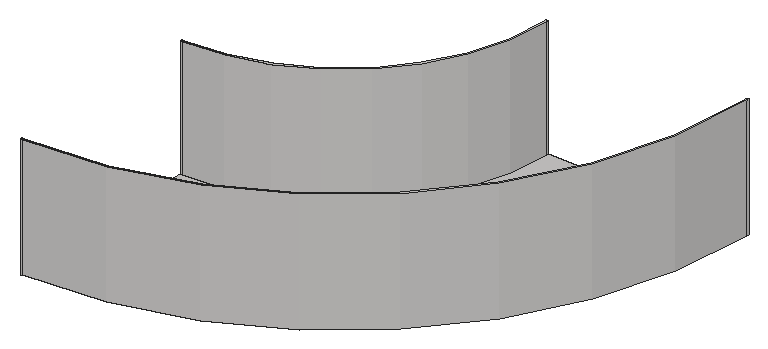
Revit family "S4R_OBO BETTERMANN_CableTray_Bend_Horizontal_RB FT", category Cable Tray Fittings, Revit 2012
Parameters
  Wholesaler art.no. = ""
  Wholesaler = ""
  Watermarked By = "www.stabiplan.com"
  WIDTH2 [instance] = WIDTH1  # 100 mm
  WIDTH1 [instance] = 100 mm
  VERSION = "91900"  # constant formula
  URL = "www.stabiplan.com"
  built-in parameter 1140111 [instance] = 1 mm
  TYPE [instance] = "RB FT"  # constant formula
  StabiCAD_PM = ""
  Safe_Half_Width2 [instance] = if(not([built-in parameter 1140115] > Half_Width2), [built-in parameter 1140115] - 0.2 mm, Half_Width2)  # 50 mm
  Safe_Half_Width1 [instance] = if(not([built-in parameter 1140115] > Half_Width1), [built-in parameter 1140115] - 0.2 mm, Half_Width1)  # 50 mm
  Manufacturer = "OBO BETTERMANN"  # constant formula
  Lmin [instance] = if(LENGTH1 > LENGTH2, LENGTH2, LENGTH1) - 1 mm  # 149 mm
  PRODUCTLINE [instance] = "OBO BETTERMANN CableTrays"  # constant formula
  LENGTH2 [instance] = if(and(WIDTH1 = 100 mm, HEIGHT1 = 60 mm, ANGLE2 = 90.00°), 150 mm, if(and(WIDTH1 = 200 mm, HEIGHT1 = 60 mm, ANGLE2 = 90.00°), 200 mm, if(and(WIDTH1 = 300 mm, HEIGHT1 = 60 mm, ANGLE2 = 90.00°), 250 mm, if(and(WIDTH1 = 400 mm, HEIGHT1 = 60 mm, ANGLE2 = 90.00°), 455 mm, if(and(WIDTH1 = 500 mm, HEIGHT1 = 60 mm, ANGLE2 = 90.00°), 505 mm, if(and(WIDTH1 = 600 mm, HEIGHT1 = 60 mm, ANGLE2 = 90.00°), 555 mm, if(and(WIDTH1 = 400 mm, HEIGHT1 = 110 mm, ANGLE2 = 90.00°), 455 mm, if(and(WIDTH1 = 500 mm, HEIGHT1 = 110 mm, ANGLE2 = 90.00°), 505 mm, if(and(WIDTH1 = 550 mm, HEIGHT1 = 110 mm, ANGLE2 = 90.00°), 530 mm, if(and(WIDTH1 = 100 mm, HEIGHT1 = 60 mm, ANGLE2 = 45.00°), 150 mm, if(and(WIDTH1 = 150 mm, HEIGHT1 = 60 mm, ANGLE2 = 45.00°), 150 mm, if(and(WIDTH1 = 200 mm, HEIGHT1 = 60 mm, ANGLE2 = 45.00°), 150 mm, if(and(WIDTH1 = 300 mm, HEIGHT1 = 60 mm, ANGLE2 = 45.00°), 150 mm, if(and(WIDTH1 = 400 mm, HEIGHT1 = 60 mm, ANGLE2 = 45.00°), 255 mm, if(and(WIDTH1 = 500 mm, HEIGHT1 = 60 mm, ANGLE2 = 45.00°), 255 mm, if(and(WIDTH1 = 600 mm, HEIGHT1 = 60 mm, ANGLE2 = 45.00°), 255 mm, if(and(WIDTH1 = 100 mm, HEIGHT1 = 85 mm, ANGLE2 = 45.00°), 150 mm, if(and(WIDTH1 = 200 mm, HEIGHT1 = 85 mm, ANGLE2 = 45.00°), 150 mm, if(and(WIDTH1 = 300 mm, HEIGHT1 = 85 mm, ANGLE2 = 45.00°), 150 mm, if(and(WIDTH1 = 400 mm, HEIGHT1 = 85 mm, ANGLE2 = 45.00°), 255 mm, if(and(WIDTH1 = 500 mm, HEIGHT1 = 85 mm, ANGLE2 = 45.00°), 255 mm, if(and(WIDTH1 = 600 mm, HEIGHT1 = 85 mm, ANGLE2 = 45.00°), 255 mm, if(and(WIDTH1 = 50 mm, HEIGHT1 = 35 mm, ANGLE2 = 90.00°), 128 mm, if(and(WIDTH1 = 100 mm, HEIGHT1 = 35 mm, ANGLE2 = 90.00°), 153 mm, if(and(WIDTH1 = 200 mm, HEIGHT1 = 35 mm, ANGLE2 = 90.00°), 203 mm, if(and(WIDTH1 = 300 mm, HEIGHT1 = 35 mm, ANGLE2 = 90.00°), 253 mm, if(and(WIDTH1 = 150 mm, HEIGHT1 = 60 mm, ANGLE2 = 90.00°), 178 mm, if(and(WIDTH1 = 100 mm, HEIGHT1 = 85 mm, ANGLE2 = 90.00°), 153 mm, if(and(WIDTH1 = 200 mm, HEIGHT1 = 85 mm, ANGLE2 = 90.00°), 203 mm, if(and(WIDTH1 = 300 mm, HEIGHT1 = 85 mm, ANGLE2 = 90.00°), 253 mm, if(and(WIDTH1 = 400 mm, HEIGHT1 = 85 mm, ANGLE2 = 90.00°), 455 mm, if(and(WIDTH1 = 500 mm, HEIGHT1 = 85 mm, ANGLE2 = 90.00°), 505 mm, if(and(WIDTH1 = 600 mm, HEIGHT1 = 85 mm, ANGLE2 = 90.00°), 555 mm, if(and(WIDTH1 = 450 mm, HEIGHT1 = 60 mm, ANGLE2 = 90.00°), 480 mm, if(and(WIDTH1 = 750 mm, HEIGHT1 = 60 mm, ANGLE2 = 90.00°), 630 mm, if(and(WIDTH1 = 900 mm, HEIGHT1 = 60 mm, ANGLE2 = 90.00°), 705 mm, WIDTH1 * 2))))))))))))))))))))))))))))))))))))  # 150 mm
  LENGTH1 [instance] = if(and(WIDTH1 = 100 mm, HEIGHT1 = 60 mm, ANGLE2 = 90.00°), 150 mm, if(and(WIDTH1 = 200 mm, HEIGHT1 = 60 mm, ANGLE2 = 90.00°), 200 mm, if(and(WIDTH1 = 300 mm, HEIGHT1 = 60 mm, ANGLE2 = 90.00°), 250 mm, if(and(WIDTH1 = 400 mm, HEIGHT1 = 60 mm, ANGLE2 = 90.00°), 455 mm, if(and(WIDTH1 = 500 mm, HEIGHT1 = 60 mm, ANGLE2 = 90.00°), 505 mm, if(and(WIDTH1 = 600 mm, HEIGHT1 = 60 mm, ANGLE2 = 90.00°), 555 mm, if(and(WIDTH1 = 400 mm, HEIGHT1 = 110 mm, ANGLE2 = 90.00°), 455 mm, if(and(WIDTH1 = 500 mm, HEIGHT1 = 110 mm, ANGLE2 = 90.00°), 505 mm, if(and(WIDTH1 = 550 mm, HEIGHT1 = 110 mm, ANGLE2 = 90.00°), 530 mm, if(and(WIDTH1 = 100 mm, HEIGHT1 = 60 mm, ANGLE2 = 45.00°), 150 mm, if(and(WIDTH1 = 150 mm, HEIGHT1 = 60 mm, ANGLE2 = 45.00°), 150 mm, if(and(WIDTH1 = 200 mm, HEIGHT1 = 60 mm, ANGLE2 = 45.00°), 150 mm, if(and(WIDTH1 = 300 mm, HEIGHT1 = 60 mm, ANGLE2 = 45.00°), 150 mm, if(and(WIDTH1 = 400 mm, HEIGHT1 = 60 mm, ANGLE2 = 45.00°), 255 mm, if(and(WIDTH1 = 500 mm, HEIGHT1 = 60 mm, ANGLE2 = 45.00°), 255 mm, if(and(WIDTH1 = 600 mm, HEIGHT1 = 60 mm, ANGLE2 = 45.00°), 255 mm, if(and(WIDTH1 = 100 mm, HEIGHT1 = 85 mm, ANGLE2 = 45.00°), 150 mm, if(and(WIDTH1 = 200 mm, HEIGHT1 = 85 mm, ANGLE2 = 45.00°), 150 mm, if(and(WIDTH1 = 300 mm, HEIGHT1 = 85 mm, ANGLE2 = 45.00°), 150 mm, if(and(WIDTH1 = 400 mm, HEIGHT1 = 85 mm, ANGLE2 = 45.00°), 255 mm, if(and(WIDTH1 = 500 mm, HEIGHT1 = 85 mm, ANGLE2 = 45.00°), 255 mm, if(and(WIDTH1 = 600 mm, HEIGHT1 = 85 mm, ANGLE2 = 45.00°), 255 mm, if(and(WIDTH1 = 50 mm, HEIGHT1 = 35 mm, ANGLE2 = 90.00°), 128 mm, if(and(WIDTH1 = 100 mm, HEIGHT1 = 35 mm, ANGLE2 = 90.00°), 153 mm, if(and(WIDTH1 = 200 mm, HEIGHT1 = 35 mm, ANGLE2 = 90.00°), 203 mm, if(and(WIDTH1 = 300 mm, HEIGHT1 = 35 mm, ANGLE2 = 90.00°), 253 mm, if(and(WIDTH1 = 150 mm, HEIGHT1 = 60 mm, ANGLE2 = 90.00°), 178 mm, if(and(WIDTH1 = 100 mm, HEIGHT1 = 85 mm, ANGLE2 = 90.00°), 153 mm, if(and(WIDTH1 = 200 mm, HEIGHT1 = 85 mm, ANGLE2 = 90.00°), 203 mm, if(and(WIDTH1 = 300 mm, HEIGHT1 = 85 mm, ANGLE2 = 90.00°), 253 mm, if(and(WIDTH1 = 400 mm, HEIGHT1 = 85 mm, ANGLE2 = 90.00°), 455 mm, if(and(WIDTH1 = 500 mm, HEIGHT1 = 85 mm, ANGLE2 = 90.00°), 505 mm, if(and(WIDTH1 = 600 mm, HEIGHT1 = 85 mm, ANGLE2 = 90.00°), 555 mm, if(and(WIDTH1 = 450 mm, HEIGHT1 = 60 mm, ANGLE2 = 90.00°), 480 mm, if(and(WIDTH1 = 750 mm, HEIGHT1 = 60 mm, ANGLE2 = 90.00°), 630 mm, if(and(WIDTH1 = 900 mm, HEIGHT1 = 60 mm, ANGLE2 = 90.00°), 705 mm, WIDTH1 * 2))))))))))))))))))))))))))))))))))))  # 150 mm
  L2_Tail [instance] = LENGTH2 - Lmin  # 1 mm
  L1_Tail [instance] = LENGTH1 - Lmin  # 1 mm
  Internal art.no. = ""
  ISCUSTOM [instance] = if(and(WIDTH1 = 100 mm, HEIGHT1 = 60 mm, ANGLE2 = 90.00°), 1 = 0, if(and(WIDTH1 = 200 mm, HEIGHT1 = 60 mm, ANGLE2 = 90.00°), 1 = 0, if(and(WIDTH1 = 300 mm, HEIGHT1 = 60 mm, ANGLE2 = 90.00°), 1 = 0, if(and(WIDTH1 = 400 mm, HEIGHT1 = 60 mm, ANGLE2 = 90.00°), 1 = 0, if(and(WIDTH1 = 500 mm, HEIGHT1 = 60 mm, ANGLE2 = 90.00°), 1 = 0, if(and(WIDTH1 = 600 mm, HEIGHT1 = 60 mm, ANGLE2 = 90.00°), 1 = 0, if(and(WIDTH1 = 400 mm, HEIGHT1 = 110 mm, ANGLE2 = 90.00°), 1 = 0, if(and(WIDTH1 = 500 mm, HEIGHT1 = 110 mm, ANGLE2 = 90.00°), 1 = 0, if(and(WIDTH1 = 550 mm, HEIGHT1 = 110 mm, ANGLE2 = 90.00°), 1 = 0, if(and(WIDTH1 = 100 mm, HEIGHT1 = 60 mm, ANGLE2 = 45.00°), 1 = 0, if(and(WIDTH1 = 150 mm, HEIGHT1 = 60 mm, ANGLE2 = 45.00°), 1 = 0, if(and(WIDTH1 = 200 mm, HEIGHT1 = 60 mm, ANGLE2 = 45.00°), 1 = 0, if(and(WIDTH1 = 300 mm, HEIGHT1 = 60 mm, ANGLE2 = 45.00°), 1 = 0, if(and(WIDTH1 = 400 mm, HEIGHT1 = 60 mm, ANGLE2 = 45.00°), 1 = 0, if(and(WIDTH1 = 500 mm, HEIGHT1 = 60 mm, ANGLE2 = 45.00°), 1 = 0, if(and(WIDTH1 = 600 mm, HEIGHT1 = 60 mm, ANGLE2 = 45.00°), 1 = 0, if(and(WIDTH1 = 100 mm, HEIGHT1 = 85 mm, ANGLE2 = 45.00°), 1 = 0, if(and(WIDTH1 = 200 mm, HEIGHT1 = 85 mm, ANGLE2 = 45.00°), 1 = 0, if(and(WIDTH1 = 300 mm, HEIGHT1 = 85 mm, ANGLE2 = 45.00°), 1 = 0, if(and(WIDTH1 = 400 mm, HEIGHT1 = 85 mm, ANGLE2 = 45.00°), 1 = 0, if(and(WIDTH1 = 500 mm, HEIGHT1 = 85 mm, ANGLE2 = 45.00°), 1 = 0, if(and(WIDTH1 = 600 mm, HEIGHT1 = 85 mm, ANGLE2 = 45.00°), 1 = 0, if(and(WIDTH1 = 50 mm, HEIGHT1 = 35 mm, ANGLE2 = 90.00°), 1 = 0, if(and(WIDTH1 = 100 mm, HEIGHT1 = 35 mm, ANGLE2 = 90.00°), 1 = 0, if(and(WIDTH1 = 200 mm, HEIGHT1 = 35 mm, ANGLE2 = 90.00°), 1 = 0, if(and(WIDTH1 = 300 mm, HEIGHT1 = 35 mm, ANGLE2 = 90.00°), 1 = 0, if(and(WIDTH1 = 150 mm, HEIGHT1 = 60 mm, ANGLE2 = 90.00°), 1 = 0, if(and(WIDTH1 = 100 mm, HEIGHT1 = 85 mm, ANGLE2 = 90.00°), 1 = 0, if(and(WIDTH1 = 200 mm, HEIGHT1 = 85 mm, ANGLE2 = 90.00°), 1 = 0, if(and(WIDTH1 = 300 mm, HEIGHT1 = 85 mm, ANGLE2 = 90.00°), 1 = 0, if(and(WIDTH1 = 400 mm, HEIGHT1 = 85 mm, ANGLE2 = 90.00°), 1 = 0, if(and(WIDTH1 = 500 mm, HEIGHT1 = 85 mm, ANGLE2 = 90.00°), 1 = 0, if(and(WIDTH1 = 600 mm, HEIGHT1 = 85 mm, ANGLE2 = 90.00°), 1 = 0, if(and(WIDTH1 = 450 mm, HEIGHT1 = 60 mm, ANGLE2 = 90.00°), 1 = 0, if(and(WIDTH1 = 750 mm, HEIGHT1 = 60 mm, ANGLE2 = 90.00°), 1 = 0, if(and(WIDTH1 = 900 mm, HEIGHT1 = 60 mm, ANGLE2 = 90.00°), 1 = 0, 1 = 1))))))))))))))))))))))))))))))))))))  # no
  IFCExportType = ""
  IFCExportAs = ""
  Half_Width2 [instance] = WIDTH2 / 2  # 50 mm
  Half_Width1 [instance] = WIDTH1 / 2  # 50 mm
  HEIGHT2 [instance] = HEIGHT1  # 60 mm
  HEIGHT1 [instance] = 60 mm
  GTINNUMBER [instance] = if(and(WIDTH1 = 100 mm, HEIGHT1 = 60 mm, ANGLE2 = 90.00°), "4012196814091", if(and(WIDTH1 = 200 mm, HEIGHT1 = 60 mm, ANGLE2 = 90.00°), "4012196814152", if(and(WIDTH1 = 300 mm, HEIGHT1 = 60 mm, ANGLE2 = 90.00°), "4012196814336", if(and(WIDTH1 = 400 mm, HEIGHT1 = 60 mm, ANGLE2 = 90.00°), "4012196247691", if(and(WIDTH1 = 500 mm, HEIGHT1 = 60 mm, ANGLE2 = 90.00°), "4012196247752", if(and(WIDTH1 = 600 mm, HEIGHT1 = 60 mm, ANGLE2 = 90.00°), "4012196247813", if(and(WIDTH1 = 400 mm, HEIGHT1 = 110 mm, ANGLE2 = 90.00°), "4012196248414", if(and(WIDTH1 = 500 mm, HEIGHT1 = 110 mm, ANGLE2 = 90.00°), "4012196248476", if(and(WIDTH1 = 550 mm, HEIGHT1 = 110 mm, ANGLE2 = 90.00°), "4012196248537", if(and(WIDTH1 = 100 mm, HEIGHT1 = 60 mm, ANGLE2 = 45.00°), "4012196990924", if(and(WIDTH1 = 150 mm, HEIGHT1 = 60 mm, ANGLE2 = 45.00°), "4012196901579", if(and(WIDTH1 = 200 mm, HEIGHT1 = 60 mm, ANGLE2 = 45.00°), "4012196990986", if(and(WIDTH1 = 300 mm, HEIGHT1 = 60 mm, ANGLE2 = 45.00°), "4012196991044", if(and(WIDTH1 = 400 mm, HEIGHT1 = 60 mm, ANGLE2 = 45.00°), "4012196224838", if(and(WIDTH1 = 500 mm, HEIGHT1 = 60 mm, ANGLE2 = 45.00°), "4012196224890", if(and(WIDTH1 = 600 mm, HEIGHT1 = 60 mm, ANGLE2 = 45.00°), "4012196224951", if(and(WIDTH1 = 100 mm, HEIGHT1 = 85 mm, ANGLE2 = 45.00°), "4012196991105", if(and(WIDTH1 = 200 mm, HEIGHT1 = 85 mm, ANGLE2 = 45.00°), "4012196991167", if(and(WIDTH1 = 300 mm, HEIGHT1 = 85 mm, ANGLE2 = 45.00°), "4012196991228", if(and(WIDTH1 = 400 mm, HEIGHT1 = 85 mm, ANGLE2 = 45.00°), "4012196225194", if(and(WIDTH1 = 500 mm, HEIGHT1 = 85 mm, ANGLE2 = 45.00°), "4012196225255", if(and(WIDTH1 = 600 mm, HEIGHT1 = 85 mm, ANGLE2 = 45.00°), "4012196225316", if(and(WIDTH1 = 50 mm, HEIGHT1 = 35 mm, ANGLE2 = 90.00°), "4012196813858", if(and(WIDTH1 = 100 mm, HEIGHT1 = 35 mm, ANGLE2 = 90.00°), "4012196813919", if(and(WIDTH1 = 200 mm, HEIGHT1 = 35 mm, ANGLE2 = 90.00°), "4012196813971", if(and(WIDTH1 = 300 mm, HEIGHT1 = 35 mm, ANGLE2 = 90.00°), "4012196814039", if(and(WIDTH1 = 150 mm, HEIGHT1 = 60 mm, ANGLE2 = 90.00°), "4012196901753", if(and(WIDTH1 = 100 mm, HEIGHT1 = 85 mm, ANGLE2 = 90.00°), "4012196814510", if(and(WIDTH1 = 200 mm, HEIGHT1 = 85 mm, ANGLE2 = 90.00°), "4012196814572", if(and(WIDTH1 = 300 mm, HEIGHT1 = 85 mm, ANGLE2 = 90.00°), "4012196814633", if(and(WIDTH1 = 400 mm, HEIGHT1 = 85 mm, ANGLE2 = 90.00°), "4012196248056", if(and(WIDTH1 = 500 mm, HEIGHT1 = 85 mm, ANGLE2 = 90.00°), "4012196248117", if(and(WIDTH1 = 600 mm, HEIGHT1 = 85 mm, ANGLE2 = 90.00°), "4012196248179", if(and(WIDTH1 = 450 mm, HEIGHT1 = 60 mm, ANGLE2 = 90.00°), "4012196962907", if(and(WIDTH1 = 750 mm, HEIGHT1 = 60 mm, ANGLE2 = 90.00°), "Unknown", if(and(WIDTH1 = 900 mm, HEIGHT1 = 60 mm, ANGLE2 = 90.00°), "Unknown", "Unknown"))))))))))))))))))))))))))))))))))))  # "4012196814091"
  ETIM article class = ""
  Description = "Horizontal CableTray Bend"
  DEEPLINK = "http://catalog1.obo-bettermann.com/catalogue/catalogue.do?forward=showProductGroup&act=showIO&favOid=kts_6126&action=showManyProducts&lang=de&OID=kts_6126&catId="
  Copyright = "© Stabiplan BV / Stabiplan International BV"  # constant formula
  CT2 [instance] = 1
  CT1 [instance] = 1
  BodyColor = Steel
  built-in parameter 1140115 [instance] = Lmin / tan(ANGLE2 / 2)  # 149 mm
  ARTICLENUMBER [instance] = if(and(WIDTH1 = 100 mm, HEIGHT1 = 60 mm, ANGLE2 = 90.00°), "7125100", if(and(WIDTH1 = 200 mm, HEIGHT1 = 60 mm, ANGLE2 = 90.00°), "7125220", if(and(WIDTH1 = 300 mm, HEIGHT1 = 60 mm, ANGLE2 = 90.00°), "7125305", if(and(WIDTH1 = 400 mm, HEIGHT1 = 60 mm, ANGLE2 = 90.00°), "7125410", if(and(WIDTH1 = 500 mm, HEIGHT1 = 60 mm, ANGLE2 = 90.00°), "7125526", if(and(WIDTH1 = 600 mm, HEIGHT1 = 60 mm, ANGLE2 = 90.00°), "7125585", if(and(WIDTH1 = 400 mm, HEIGHT1 = 110 mm, ANGLE2 = 90.00°), "7127413", if(and(WIDTH1 = 500 mm, HEIGHT1 = 110 mm, ANGLE2 = 90.00°), "7127499", if(and(WIDTH1 = 550 mm, HEIGHT1 = 110 mm, ANGLE2 = 90.00°), "7127545", if(and(WIDTH1 = 100 mm, HEIGHT1 = 60 mm, ANGLE2 = 45.00°), "7066112", if(and(WIDTH1 = 150 mm, HEIGHT1 = 60 mm, ANGLE2 = 45.00°), "7066158", if(and(WIDTH1 = 200 mm, HEIGHT1 = 60 mm, ANGLE2 = 45.00°), "7066228", if(and(WIDTH1 = 300 mm, HEIGHT1 = 60 mm, ANGLE2 = 45.00°), "7066317", if(and(WIDTH1 = 400 mm, HEIGHT1 = 60 mm, ANGLE2 = 45.00°), "7066406", if(and(WIDTH1 = 500 mm, HEIGHT1 = 60 mm, ANGLE2 = 45.00°), "7066503", if(and(WIDTH1 = 600 mm, HEIGHT1 = 60 mm, ANGLE2 = 45.00°), "7066600", if(and(WIDTH1 = 100 mm, HEIGHT1 = 85 mm, ANGLE2 = 45.00°), "7067119", if(and(WIDTH1 = 200 mm, HEIGHT1 = 85 mm, ANGLE2 = 45.00°), "7067216", if(and(WIDTH1 = 300 mm, HEIGHT1 = 85 mm, ANGLE2 = 45.00°), "7067313", if(and(WIDTH1 = 400 mm, HEIGHT1 = 85 mm, ANGLE2 = 45.00°), "7067402", if(and(WIDTH1 = 500 mm, HEIGHT1 = 85 mm, ANGLE2 = 45.00°), "7067496", if(and(WIDTH1 = 600 mm, HEIGHT1 = 85 mm, ANGLE2 = 45.00°), "7067607", if(and(WIDTH1 = 50 mm, HEIGHT1 = 35 mm, ANGLE2 = 90.00°), "7124070", if(and(WIDTH1 = 100 mm, HEIGHT1 = 35 mm, ANGLE2 = 90.00°), "7124120", if(and(WIDTH1 = 200 mm, HEIGHT1 = 35 mm, ANGLE2 = 90.00°), "7124236", if(and(WIDTH1 = 300 mm, HEIGHT1 = 35 mm, ANGLE2 = 90.00°), "7124325", if(and(WIDTH1 = 150 mm, HEIGHT1 = 60 mm, ANGLE2 = 90.00°), "7125189", if(and(WIDTH1 = 100 mm, HEIGHT1 = 85 mm, ANGLE2 = 90.00°), "7126127", if(and(WIDTH1 = 200 mm, HEIGHT1 = 85 mm, ANGLE2 = 90.00°), "7126216", if(and(WIDTH1 = 300 mm, HEIGHT1 = 85 mm, ANGLE2 = 90.00°), "7126301", if(and(WIDTH1 = 400 mm, HEIGHT1 = 85 mm, ANGLE2 = 90.00°), "7126417", if(and(WIDTH1 = 500 mm, HEIGHT1 = 85 mm, ANGLE2 = 90.00°), "7126514", if(and(WIDTH1 = 600 mm, HEIGHT1 = 85 mm, ANGLE2 = 90.00°), "7126611", if(and(WIDTH1 = 450 mm, HEIGHT1 = 60 mm, ANGLE2 = 90.00°), "7125461", if(and(WIDTH1 = 750 mm, HEIGHT1 = 60 mm, ANGLE2 = 90.00°), "7125586", if(and(WIDTH1 = 900 mm, HEIGHT1 = 60 mm, ANGLE2 = 90.00°), "7125588", "Unknown"))))))))))))))))))))))))))))))))))))  # "7125100"
  ARTICLEDESCRIPTION [instance] = "Horizontal CableTray Bend"
  ANGLE2 [instance] = 90.00°
Reference planes
  plane 1 "Center (Front/Back)": y = 0
  plane 2: z = 0
  plane 3 "Center (Left/Right)": x = 0
  plane 4: y = 149
  plane 5: x = -149
Forms (mm)
  Sweep 1, solid, material "Steel" <- "BodyColor", detail levels medium
    path in 3D
      loop
        line (-149, 0, 0) -> (-150, 0, 0)
    profile origin (-149.5, 0, 0) x (0, -1, 0) y (0, 0, 1)
      loop
        line (-50, 30) -> (-50, -30) -> (50, -30) -> (50, 30) -> (-50, 30)
  Sweep 2, solid, material "Steel" <- "BodyColor", detail levels medium
    path in 3D
      loop
        line (0, 149, 0) -> (0, 150, 0)
    profile origin (0, 149.5, 0) x (-1, 0, 0) y (0, 0, 1)
      loop
        line (50, -30) -> (50, 30) -> (-50, 30) -> (-50, -30) -> (50, -30)
  SweptBlend 3, solid, material "Steel" <- "BodyColor", detail levels medium
    path in 3D
      loop
        arc (-149, 0, 0) -> (-43.641, 43.641, 0) -> (0, 149, 0) r 149
    profile origin (-149, 0, 0) x (0, 1, 0) y (0, 0, 1)
      loop
        line (50, 30) -> (-50, 30) -> (-50, -30) -> (50, -30) -> (50, 30)
    end profile origin (0, 149, 0) x (-1, 0, 0) y (0, 0, 1)
      loop
        line (50, 30) -> (-50, 30) -> (-50, -30) -> (50, -30) -> (50, 30)
  Sweep 4, solid, material "Steel" <- "BodyColor", detail levels fine
    path in 3D
      loop
        line (-149, 0, 0) -> (-150, 0, 0)
    profile origin (-149.5, 0, 0) x (0, -1, 0) y (0, 0, 1)
      loop
        line (-50, 30) -> (-50, -30) -> (50, -30) -> (50, 30) -> (49, 30) -> (49, -29) -> (-49, -29) -> (-49, 30) -> (-50, 30)
  Sweep 5, solid, material "Steel" <- "BodyColor", detail levels fine
    path in 3D
      loop
        line (0, 149, 0) -> (0, 150, 0)
    profile origin (0, 149.5, 0) x (-1, 0, 0) y (0, 0, 1)
      loop
        line (-50, 30) -> (-50, -30) -> (50, -30) -> (50, 30) -> (49, 30) -> (49, -29) -> (-49, -29) -> (-49, 30) -> (-50, 30)
  SweptBlend 6, solid, material "Steel" <- "BodyColor", detail levels fine
    path in 3D
      loop
        arc (-149, 0, 0) -> (-43.641, 43.641, 0) -> (0, 149, 0) r 149
    profile origin (-149, 0, 0) x (0, 1, 0) y (0, 0, 1)
      loop
        line (50, 30) -> (49, 30) -> (49, -29) -> (-49, -29) -> (-49, 30) -> (-50, 30) -> (-50, -30) -> (50, -30) -> (50, 30)
    end profile origin (0, 149, 0) x (-1, 0, 0) y (0, 0, 1)
      loop
        line (50, 30) -> (49, 30) -> (49, -29) -> (-49, -29) -> (-49, 30) -> (-50, 30) -> (-50, -30) -> (50, -30) -> (50, 30)
Cuts and joins
  joined: Sweep 4, Sweep 5, SweptBlend 6
  joined: Sweep 1, Sweep 2, SweptBlend 3
Lines and regions (mm)
  reference lines
    curve 1: line (-149, 149, 0) -> (-149, 0, 0)
    curve 2: line (-149, 0, 0) -> (0, 0, 0)
    curve 3: line (0, 0, 0) -> (0, 149, 0)
    curve 4: line (0, 149, 0) -> (-149, 149, 0)
    curve 5: arc (-149, 0, 0) -> (-43.641, 43.641, 0) -> (0, 149, 0) r 149
    curve 6: line (-149, 0, 0) -> (-150, 0, 0)
    curve 7: line (0, 149, 0) -> (0, 150, 0)
  model lines, detail levels coarse
    curve 8: line (-399, 0, 0) -> (-400, 0, 0)
    curve 9: line (-49, 399, 0) -> (-49, 400, 0)
  sketch lines
    curve 10: line (-149, 0, 0) -> (-150, 0, 0)
    curve 11: line (0, 149, 0) -> (0, 150, 0)
    curve 12: arc (-149, 0, 0) -> (-43.641, 43.641, 0) -> (0, 149, 0) r 149
    curve 13: line (-149, 0, 0) -> (-150, 0, 0)
    curve 14: line (0, 149, 0) -> (0, 150, 0)
    curve 15: arc (-149, 0, 0) -> (-43.641, 43.641, 0) -> (0, 149, 0) r 149
  model lines, style "Coarse", detail levels coarse
    curve 16: line (-149, 0, 0) -> (-150, 0, 0)
    curve 17: arc (-149, 0, 0) -> (-43.641, 43.641, 0) -> (0, 149, 0) r 149
    curve 18: line (0, 149, 0) -> (0, 150, 0)
Dimensions and locks
  "Lmin": plane 5 to plane 3 "Center (Left/Right)"
  "built-in parameter 1140115": plane 4 to plane 1 "Center (Front/Back)"
  "built-in parameter 1140115": curve 4 to curve 4
  "built-in parameter 1140115": plane 1 "Center (Front/Back)" to curve 1
  "L1_Tail": curve 6 to curve 6
  "L2_Tail": curve 7 to curve 7
  equal spacing: Sweep 1 sketch curve, profile plane, Sweep 1 sketch curve  (x2)
  "WIDTH1": Sweep 1 sketch curve to Sweep 1 sketch curve
  "HEIGHT1": Sweep 1 sketch curve to Sweep 1 sketch curve
  equal spacing: Sweep 2 sketch curve, profile plane, Sweep 2 sketch curve  (x2)
  "WIDTH2": Sweep 2 sketch curve to Sweep 2 sketch curve
  "HEIGHT2": Sweep 2 sketch curve to Sweep 2 sketch curve
  equal spacing: SweptBlend 3 sketch curve, profile plane, SweptBlend 3 sketch curve  (x2)
  "HEIGHT1": SweptBlend 3 sketch curve to SweptBlend 3 sketch curve
  "HEIGHT2": SweptBlend 3 sketch curve to SweptBlend 3 sketch curve
  equal spacing: Sweep 4 sketch curve, profile plane, Sweep 4 sketch curve  (x3)
  "HEIGHT1": Sweep 4 sketch curve to Sweep 4 sketch curve
  "WIDTH1": Sweep 4 sketch curve to Sweep 4 sketch curve
  "built-in parameter 1140111": Sweep 4 sketch curve to Sweep 1  (x2)
  "built-in parameter 1140111": Sweep 1 to Sweep 4 sketch curve
  equal spacing: Sweep 5 sketch curve, profile plane, Sweep 5 sketch curve  (x3)
  "HEIGHT2": Sweep 5 sketch curve to Sweep 5 sketch curve
  "WIDTH2": Sweep 5 sketch curve to Sweep 5 sketch curve
  "built-in parameter 1140111": Sweep 5 sketch curve to Sweep 5 sketch curve  (x3)
  "built-in parameter 1140111": SweptBlend 6 sketch curve to SweptBlend 6 sketch curve  (x6)
  equal spacing: SweptBlend 6 sketch curve, profile plane, SweptBlend 6 sketch curve  (x4)
  "HEIGHT1": SweptBlend 6 sketch curve to SweptBlend 6 sketch curve
  "HEIGHT2": SweptBlend 6 sketch curve to SweptBlend 6 sketch curve
  "Safe_Half_Width1": profile plane to SweptBlend 6 sketch curve
  "Half_Width1": SweptBlend 6 sketch curve to profile plane
  "Safe_Half_Width2": SweptBlend 6 sketch curve to profile plane
  "Half_Width2": profile plane to SweptBlend 6 sketch curve
  "Safe_Half_Width1": profile plane to SweptBlend 3 sketch curve
  "Half_Width1": SweptBlend 3 sketch curve to profile plane
  "Safe_Half_Width2": SweptBlend 3 sketch curve to profile plane
  "Half_Width2": profile plane to SweptBlend 3 sketch curve
  "built-in parameter 1140115": radius of curve 5
  "ANGLE2": angle plane 5 to curve 4
  locked: curve 7 to curve 4 (angle 90.00°)
  "ANGLE2": angle plane 1 "Center (Front/Back)" to curve 18
  aligned and locked: level to plane 2
  aligned and locked: plane 1 "Center (Front/Back)" to curve 2  (x2)
  aligned and locked: plane 3 "Center (Left/Right)" to curve 2
  aligned and locked: curve 1 to plane 5
  aligned and locked: curve 17 to curve 5
  aligned and locked: SweptBlend 3 to curve 18
  aligned and locked: Sweep 2 to curve 18
Automatic sketch dimensions
  plane 1 "Center (Front/Back)" to curve 8 = 0 mm
  curve 8 to curve 16 = 249 mm
  curve 8 to curve 8 = 1 mm
  curve 9 to plane 3 "Center (Left/Right)" = 49 mm
  plane 4 to curve 9 = 250 mm
  curve 9 to curve 9 = 1 mm
  curve 16 to plane 5 = 1 mm
Connectors
  cabletrayconduit at (-150, 0, 0), driven by "HEIGHT1", driven by "WIDTH1", driven by "ANGLE2"
    settings: on Sweep 1, index 1, connector width 100 mm, connector height 60 mm, connector radius 300 mm, connector angle 90.00°, system type 32, placement type 0, profile type 1, connector reference index 2, is primary connector yes, connector utility param no, connector description ""
  cabletrayconduit at (0, 150, 0), driven by "ANGLE2", driven by "HEIGHT2", driven by "WIDTH2"
    settings: on Sweep 2, index 2, connector width 100 mm, connector height 60 mm, connector radius 300 mm, connector angle 90.00°, system type 32, placement type 0, profile type 1, connector reference index 1, is primary connector no, connector utility param no, connector description ""
